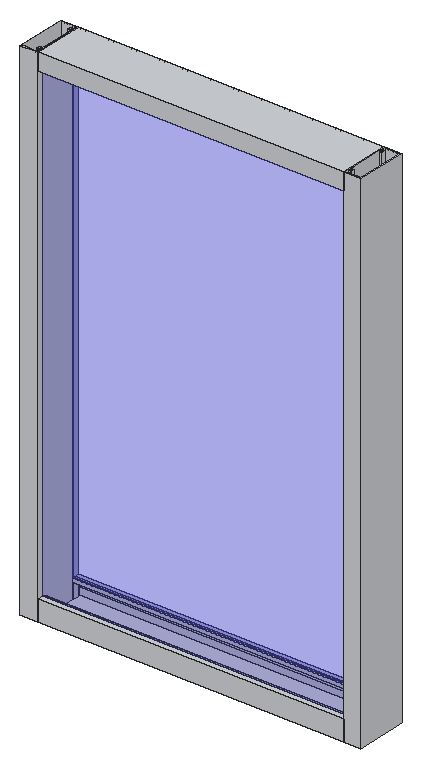
Revit family "Hunter Evo 150mm Acoustic Framing", category Windows, host Wall, Revit 2021
Family settings
  Host = Wall
  OmniClass Number = 23.30.20.00
  OmniClass Title = Windows
  Always vertical = Yes
  Cut with Voids When Loaded = No
  Shared = No
  Room Calculation Point = No
Parameters
  Single Glazed [instance] = yes
  Rough Width = 0 mm  # constant formula
  Rough Height = 0 mm  # constant formula
  Height [instance] = 1500 mm
  Double Glazed [instance] = not(Single Glazed)  # no
  Default Sill Height = 800 mm
  Wall Closure = By host
  Width [instance] = 1000 mm
Reference planes
  plane 1 "Center (Front/Back)": y = 0
  plane 2 "Center (Left/Right)": x = 0
  plane 3 "Left": x = -500
  plane 4 "Right": x = 500
  plane 5 "Sill": z = 800
  plane 6 "Head": z = 2300
  plane 7 "Exterior": y = 100
  plane 8 "Interior": y = -100
Lines and regions (mm)
  Opening 1
    outline origin (3500, -100, 0) x (1, 0, 0) y (0, 0, 1)
      loop
        line (-3000, 800) -> (-3000, 2300) -> (-4000, 2300) -> (-4000, 800) -> (-3000, 800)
Text (mm)
  text "Exterior" at (-1963.203, 1332.353, 0), in view "Ref. Level"
  text "Interior" at (-1981.466, -818.386, 0), in view "Ref. Level"
  text "Exterior" at (0, 923.751, 2943.296), in view "Right"
  text "Exterior" at (0, 1040.484, 2685.409), in view "Left"
Dimensions and locks
  equal spacing: plane 3 "Left", plane 2 "Center (Left/Right)", plane 4 "Right"
  "Width": plane 3 "Left" to plane 4 "Right"
  "Height": plane 5 "Sill" to plane 6 "Head"
  "Default Sill Height": plane 5 "Sill" to level
  locked: plane 7 "Exterior" to host wall
  locked: plane 8 "Interior" to host wall
  aligned and locked: host wall to nested 1
  aligned and locked: nested 1 to plane 3 "Left"
  aligned and locked: nested 1 to plane 4 "Right"
  aligned and locked: nested 1 to plane 6 "Head"
  aligned and locked: nested 1 to plane 5 "Sill"
Automatic sketch dimensions
  Opening 1 sketch curve to plane 3 "Left" = 0 mm
  Opening 1 sketch curve to plane 4 "Right" = 0 mm
  Opening 1 sketch curve to plane 5 "Sill" = 0 mm
  Opening 1 sketch curve to plane 6 "Head" = 0 mm
Nested families
  nested 1: "Hunter Evo 150mm Acoustic Framing" at (0, -0.979, 1002.904), type "Hunter Evo 150mm Acoustic Framing"
    with Width 1000 mm, Thickness Control 6 mm, Height 1500 mm, Half thk 3 mm, Glass Glass, Frame Material none, Double Glazing Thickness 6 mm, Air Gap Control 58 mm, Air Gap 58 mm
Definition of nested family "Hunter Evo 150mm Acoustic Framing"
  Parameters (values of type "Hunter Evo 150mm Acoustic Framing")
    Width [instance] = 750 mm
    URL = "https://www.alspec.com.au/derwent-76mm-centre-pocket-framing"
    Thickness Control [instance] = if(Double Glazing Thickness > 14 mm, 14 mm, if(Double Glazing Thickness < 6 mm, 6 mm, Double Glazing Thickness))  # 6 mm
    Ref = 56.277 mm
    Manufacturer = "ALSPEC"
    Jamb Width = 50 mm  # constant formula
    Height [instance] = 750 mm
    Half thk [instance] = Double Glazing Thickness / 2  # 3 mm
    Glass [instance] = none
    Frame Material [instance] = none
    Double Glazing Thickness [instance] = 6 mm
    Designer = "Viraj Mhatre"
    Default Elevation = 0 mm
    Air Gap Control [instance] = if(Air Gap > 58 mm, 58 mm, if(Air Gap < 50 mm, 50 mm, Air Gap))  # 58 mm
    Air Gap [instance] = 58 mm
  Reference planes
    plane 1 "Center (Front/Back)": y = 0.979
    plane 2: z = 368.682
    plane 3 "Center (Left/Right)": x = 0
    plane 4 "Head Top": z = 1297.096
    plane 5 "Sill Bottom": z = 547.096
    plane 6: x = -375
    plane 7: x = 375
    plane 8: y = 54.256
    plane 9: y = 60.256
    plane 10: y = -58.297
    plane 11: y = -52.297
    plane 12: x = -325
    plane 13: x = 325
    plane 14: y = 57.256
    plane 15: y = -55.297
  Forms (mm)
    Extrusion 1, solid, material <- "Glass"
      sketch origin (0, 0, 368.682) x (1, 0, 0) y (0, 1, 0)
        loop
          line (-335.142, 60.256) -> (-335.142, 54.256) -> (335.142, 54.256) -> (335.142, 60.256) -> (-335.142, 60.256)
        loop
          line (-335.142, -52.297) -> (-335.142, -58.297) -> (335.142, -58.297) -> (335.142, -52.297) -> (-335.142, -52.297)
      from 229 to 888.414
    Sweep 2, solid, material <- "Frame Material"
      path origin (0, 0, 368.682) x (1, 0, 0) y (0, 1, 0)
        loop
          line (-335.142, 60.214) -> (-325, 60.214) -> (-325, 75.979) -> (-375, 75.979) -> (-375, -74.021) -> (-325, -74.021) -> (-325, -58.237) -> (-335.142, -58.237) -> (-335.142, -52.358) -> (-325, -52.358) -> (-325, 54.316) -> (-335.142, 54.316) -> (-335.142, 60.214)
      profile origin (-335.142, 57.265, 368.682) x (1, 0, 0) y (0, 0, 1)
        loop
          line (0, 178.414) -> (0, 928.414) -> (-2, 928.414) -> (-2, 178.414) -> (0, 178.414)
    Sweep 3, solid, material <- "Frame Material"
      path origin (0, 0, 368.682) x (1, 0, 0) y (0, 1, 0)
        loop
          line (335.142, 60.205) -> (335.142, 54.307) -> (325, 54.307) -> (325, -52.367) -> (335.142, -52.367) -> (335.142, -58.246) -> (325, -58.246) -> (325, -74.03) -> (375, -74.03) -> (375, 75.97) -> (325, 75.97) -> (325, 60.205) -> (335.142, 60.205)
      profile origin (335.142, 57.256, 368.682) x (1, 0, 0) y (0, 0, 1)
        loop
          line (0, 178.414) -> (2, 178.414) -> (2, 928.414) -> (0, 928.414) -> (0, 178.414)
    Sweep 4, solid, material <- "Frame Material"
      path origin (0, 0, 0) x (0, 1, 0) y (0, 0, 1)
        loop
          line (60.196, 1257.096) -> (60.196, 1247.096) -> (75.979, 1247.096) -> (75.979, 1297.096) -> (-74.021, 1297.096) -> (-74.021, 1247.096) -> (-58.237, 1247.096) -> (-58.237, 1257.096) -> (-52.358, 1257.096) -> (-52.358, 1247.096) -> (54.316, 1247.096) -> (54.316, 1257.096) -> (60.196, 1257.096)
      profile origin (0, 57.256, 1257.096) x (0, 0, -1) y (1, 0, 0)
        loop
          line (0, -325) -> (0, 325) -> (-2, 325) -> (-2, -325) -> (0, -325)
    Sweep 5, solid, material <- "Frame Material"
      path origin (0, 0, 0) x (0, 1, 0) y (0, 0, 1)
        loop
          line (-52.358, 607.689) -> (-52.358, 597.694) -> (-58.237, 597.694) -> (-58.237, 607.689) -> (-74.021, 607.689) -> (-74.021, 547.096) -> (82.779, 547.096) -> (82.779, 577.096) -> (75.926, 577.096) -> (75.926, 607.589) -> (60.195, 607.589) -> (60.195, 597.681) -> (54.316, 597.681) -> (54.316, 607.689)
      profile origin (0, -52.358, 602.692) x (1, 0, 0) y (0, 1, 0)
        loop
          line (-325, 0) -> (325, 0) -> (325, 2) -> (-325, 2) -> (-325, 0)
  Dimensions and locks
    "Height": plane 4 "Head Top" to plane 5 "Sill Bottom"
    equal spacing: plane 6, plane 3 "Center (Left/Right)", plane 7
    "Width": plane 6 to plane 7
    "Jamb Width": plane 6 to plane 12
    "Jamb Width": plane 13 to plane 7
    "Ref": import instance to plane 1 "Center (Front/Back)" to import instance
    "Ref": plane 14 to plane 1 "Center (Front/Back)" to plane 15
    "Half thk": plane 9 to plane 14
    "Half thk": plane 14 to plane 8
    "Half thk": plane 11 to plane 15
    "Half thk": plane 15 to plane 10
    aligned and locked: level to plane 2
    aligned and locked: import instance to plane 1 "Center (Front/Back)"  (x2)
    aligned and locked: plane 6 to import instance
    aligned and locked: plane 1 "Center (Front/Back)" to import instance  (x2)
    aligned and locked: plane 7 to import instance
    aligned and locked: Extrusion 1 sketch curve to plane 9
    aligned and locked: plane 8 to Extrusion 1 sketch curve
    aligned and locked: Extrusion 1 sketch curve to plane 11
    aligned and locked: plane 10 to Extrusion 1 sketch curve
    aligned and locked: Extrusion 1 sketch curve to Extrusion 1 sketch curve  (x2)
    aligned and locked: Sweep 2 sketch curve to import instance  (x12)
    aligned and locked: Sweep 3 sketch curve to import instance  (x12)
    aligned and locked: Sweep 2 sketch curve to plane 4 "Head Top"
    aligned and locked: plane 5 "Sill Bottom" to Sweep 2 sketch curve
    aligned and locked: plane 4 "Head Top" to Sweep 3 sketch curve
    aligned and locked: Sweep 3 sketch curve to plane 5 "Sill Bottom"
    aligned and locked: plane 4 "Head Top" to import instance
    aligned and locked: plane 5 "Sill Bottom" to import instance
    aligned and locked: Sweep 4 sketch curve to import instance  (x12)
    aligned and locked: Sweep 5 sketch curve to import instance  (x13)
    aligned and locked: Sweep 4 sketch curve to plane 13
    aligned and locked: plane 12 to Sweep 4 sketch curve
    aligned and locked: Sweep 5 sketch curve to plane 13
    aligned and locked: plane 12 to Sweep 5 sketch curve
    aligned and locked: Extrusion 1 to Sweep 5
    aligned and locked: Extrusion 1 to Sweep 4
    aligned and locked: Extrusion 1 to Sweep 2
    aligned and locked: Extrusion 1 to Sweep 3
  Automatic sketch dimensions
    Extrusion 1 sketch curve to plane 12 = 10.142 mm
    plane 13 to Extrusion 1 sketch curve = 10.142 mm
    profile plane to Sweep 2 sketch curve = 0 mm
    profile plane to Sweep 2 sketch curve = 2 mm
    profile plane to Sweep 3 sketch curve = 0 mm
    Sweep 3 sketch curve to profile plane = 2 mm
    Sweep 4 sketch curve to profile plane = 0 mm
    profile plane to Sweep 4 sketch curve = 2 mm
    Sweep 5 sketch curve to Sweep 5 sketch curve = 0 mm
    Sweep 5 sketch curve to Sweep 5 sketch curve = 0.1 mm
    profile plane to Sweep 5 sketch curve = 0 mm
    Sweep 5 sketch curve to profile plane = 2 mm
